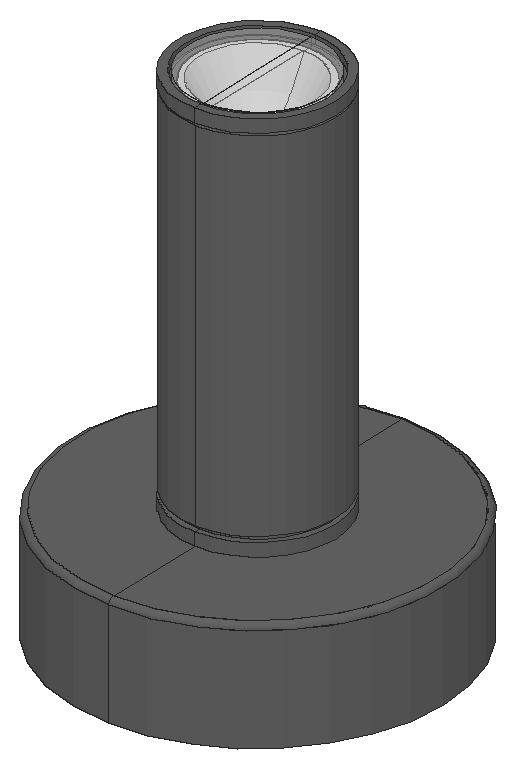
Revit family "AFX-Beverly-Outdoor_Ceiling-11", category Lighting Fixtures, host Face, Revit 2021
Family settings
  Host = Face
  Round Connector Dimension = Use Diameter
  Part Type = Normal
  Cut with Voids When Loaded = No
  Light Source = Yes
  Shared = No
  Room Calculation Point = No
Parameters (values of type "BVYW0608LAJUDBK")
  Wattage Comments = "9"
  Wattage = 9.2903 W
  built-in parameter 1150110 = 1 (stored number, unit not read)
  Voltage = 120 V
  URL = "https://www.afxinc.com/"
  Type Comments = "Beverly"  # constant formula
  built-in parameter 1114217 = 1 (stored number, unit not read)
  Tilt Angle = -90.00°
  built-in parameter 1150109 = 1 (stored number, unit not read)
  built-in parameter 1150134 = 3
  built-in parameter 1150113 = 1 (stored number, unit not read)
  Revit Model Built By = ""
  Product Documentation Link = "https://www.afxinc.com/products/productDetail.cfm?productID=2507"
  Power Factor = 1
  Photometric Web File = "BVYW0608LAJUDSN_3000K_IES.IES"
  built-in parameter 1150142 = "IESNA:LM-63-2002\r\n[TEST] LCZP23110087\r\n[TESTLAB] LCTECH 231117106003\r\n[TESTDATE] 2023/11/23\r\n[ISSUEDATE] 2023/11/23\r\n[MANUFAC] AFX\r\n[LUMCAT] BVYW0608LAJUD**\r\n[LUMINAIRE] LED µÆ??\r\n[LAMPCAT] \r\n[LAMP] \r\n[LumELE] 119.99 0.084 9.85 0.9819\r\nTILT=NONE\r\n1 691.93 1 37 7 1 2 -0.045 -0.045 0\r\n1 1 9.85\r\n0.00 5.00 10.00 15.00 20.00 25.00 30.00 35.00 40.00 45.00 50.00 55.00 60.00 65.00 70.00 75.00 80.00 85.00 90.00 95.00 100.00 105.00 110.00 115.00 120.00 125.00 130.00 135.00 140.00 145.00 150.00 155.00 160.00 165.00 170.00 175.00 180.00\r\n0.00 15.00 30.00 45.00 60.00 75.00 90.00\r\n970.206 905.975 769.877 637.372 535.859 446.475 351.251 241.653 116.335 33.239 18.865 13.924 9.882 7.187 5.39 4.043 2.246 0.449 0.00 0.00 0.00 0.00 0.00 0.00 0.00 0.00 0.00 0.00 0.00 0.449 0.898 1.348 2.246 2.246 2.695 2.695 1.348\r\n970.206 908.713 772.355 638.739 538.574 448.729 349.686 242.10 143.162 36.861 18.645 14.151 9.659 6.738 5.167 4.043 2.472 0.449 0.00 0.00 0.00 0.00 0.00 0.00 0.00 0.00 0.00 0.00 0.00 0.675 1.122 1.348 2.246 2.246 2.695 2.695 1.348\r\n970.206 905.542 768.471 636.102 559.804 449.97 353.215 243.892 123.207 37.247 18.818 14.116 9.411 6.719 4.702 4.032 2.014 0.448 0.00 0.00 0.00 0.00 0.00 0.00 0.00 0.00 0.00 0.00 0.00 0.674 1.118 1.344 2.24 2.24 2.688 2.688 1.348\r\n970.206 921.31 785.805 653.804 552.164 460.307 360.90 247.847 128.772 40.008 19.376 13.905 9.345 6.384 5.016 3.878 2.054 0.456 0.00 0.00 0.00 0.00 0.00 0.00 0.00 0.00 0.00 0.00 0.00 0.682 1.142 1.598 2.28 2.505 2.736 2.736 1.348\r\n970.206 905.28 771.965 643.71 528.535 449.409 355.549 240.64 128.306 42.594 19.887 14.523 9.612 6.483 5.137 4.017 2.009 0.447 0.00 0.00 0.00 0.00 0.00 0.00 0.00 0.00 0.00 0.00 0.00 0.673 1.115 1.788 2.235 2.235 2.682 2.682 1.348\r\n970.206 903.732 774.719 644.519 541.146 451.561 352.006 237.94 124.539 42.893 20.049 14.70 9.802 6.68 5.119 3.783 2.227 0.445 0.00 0.00 0.00 0.00 0.00 0.00 0.00 0.00 0.00 0.00 0.00 0.671 1.111 1.561 2.227 2.227 2.672 2.672 1.348\r\n970.206 918.456 789.755 669.154 561.154 465.303 358.652 239.852 133.651 59.40 21.15 15.30 10.35 7.20 5.40 3.60 2.25 0.90 0.00 0.00 0.00 0.00 0.00 0.00 0.00 0.00 0.00 0.00 0.00 0.90 0.90 1.80 2.25 2.25 2.70 2.70 1.348\r\n"
  Model = "BVYW0608LAJUDBK"
  Manufacturer = "AFX Inc"  # constant formula
  built-in parameter 1150105 = 109.82 (stored number, unit not read)
  Lumens = 1380 lm
  built-in parameter 1150115 = 1 (stored number, unit not read)
  built-in parameter 1150137 = (empty or 0)
  built-in parameter 1150139 = (empty or 0)
  built-in parameter 1150112 = 1 (stored number, unit not read)
  built-in parameter 1150114 = 1 (stored number, unit not read)
  Lamp = "LED"
  Keynote = "12500"
  built-in parameter 1150132 = (empty or 0)
  built-in parameter 1150102 = (empty or 0)
  built-in parameter 1150107 = 3200 (stored number, unit not read)
  built-in parameter 1150138 = (empty or 0)
  built-in parameter 1150106 = 1.0982 (stored number, unit not read)
  Height = 8"
  Hardware Finish = AFX - Aluminum
  Frame Finish = AFX - Black Steel
  Emit from Circle Diameter = 2"
  Emit Shape Visible in Rendering = no
  built-in parameter 1150104 = 13.8 (stored number, unit not read)
  Dimming Lamp Color Temperature Shift = <None>
  Diffuser Finish = AFX - Glass
  Diameter = 2 1/2"
  Description = "LED Outdoor Ceiling - 2 1/2\"Dia x 8\"H"
  Default Elevation = 48"
  Colour Rendering Index = "90"
  Color Filter = 16777215
  Canopy Finish = AFX - Black Steel
  built-in parameter 1114218 = 1 (stored number, unit not read)
  built-in parameter 1150133 = 10 (stored number, unit not read)
  Assembly Code = "D5020200"
  Apparent Load = 0 VA
Reference planes (in)
  plane 1 "Center (Front/Back)": y = 0
  plane 2: z = 0
  plane 3 "Center (Left/Right)": x = 0
  plane 4: x = -2.95276
  plane 5: x = 2.95276
  plane 6: y = 2.95276
  plane 7: y = -2.95276
  plane 8: z = 1.77165
  plane 9: z = 8
  plane 10: z = 7.0625
Forms (in)
  Revolve 1, solid, material "AFX - Black Steel" <- "Canopy Finish"
    sketch origin (0, 0, 0) x (0, 1, 0) y (0, 0, 1)
      loop
        line (-2.95276, 0) -> (0, 0) -> (0, 1.77165) -> (-2.85901, 1.77165)
        arc (-2.85901, 1.77165) -> (-2.9253, 1.74419) -> (-2.95276, 1.6779) r 0.09375
        line (-2.95276, 1.6779) -> (-2.95276, 0)
      axis (0, 1.77165) -> (0, 0)
    angle from 0 to 360
  Revolve 2, solid, material "AFX - Black Steel" <- "Frame Finish"
    sketch origin (0, 0, 0) x (0, 1, 0) y (0, 0, 1)
      loop
        line (1.00394, 7.87402) -> (1.00394, 7.40945) -> (1.19406, 7.40945) -> (1.19406, 2.09882) -> (1.08228, 2.09882) -> (1.08228, 1.97638) -> (0, 1.97638) -> (0, 1.77165) -> (1.25, 1.77165) -> (1.25, 1.97638) -> (1.15204, 1.97638) -> (1.15204, 2.05512) -> (1.24016, 2.05512) -> (1.24016, 7.75249) -> (1.15101, 7.75249) -> (1.15101, 7.79528) -> (1.25, 7.79528) -> (1.25, 8) -> (1.12163, 8) -> (1.12163, 7.87402) -> (1.00394, 7.87402)
      axis (0, 8) -> (0, 1.77165)
    angle from 0 to 360
  Revolve 3, solid, material "AFX - Aluminum" <- "Hardware Finish"
    sketch origin (0, 0, -0.03491) x (0, 1, 0) y (0, 0, 1)
      loop
        line (1.00394, 7.90893) -> (0.9118, 7.90893)
        arc (0.9118, 7.90893) -> (0.62586, 7.38694) -> (0.23964, 6.93409) r 2.90812
        line (0.23964, 6.93409) -> (0, 6.93409) -> (0, 6.89764) -> (0.27444, 6.89764)
        arc (0.27444, 6.89764) -> (0.65961, 7.34307) -> (0.94574, 7.85775) r 2.86936
        line (0.94574, 7.85775) -> (1.00394, 7.85775) -> (1.00394, 7.90893)
      axis (0, 7.90893) -> (0, 6.89764)
    angle from 0 to 360
  Revolve 4, solid, material "AFX - Glass" <- "Diffuser Finish"
    sketch origin (0, 0, 0) x (0, 1, 0) y (0, 0, 1)
      loop
        line (1.07283, 7.99213) -> (0, 7.99213) -> (0, 7.87402) -> (1.07283, 7.87402) -> (1.07283, 7.99213)
      axis (0, 7.99213) -> (0, 7.87402)
    angle from 0 to 360
Lines and regions (in)
  symbolic lines
    curve 1: circle (0, 0, 0) r 2.95276 normal (0, 0, 1)
  symbolic lines, style "LightingFixturesHiddenLines", detail levels medium+fine
    curve 2: circle (0, 0, 0) r 1.25 normal (0, 0, 1)
Dimensions and locks (in)
  plane 9 to plane 8 to plane 2 = 6.22835" locked, 1.77165" locked
  locked: plane 9 to plane 10 at 0.9375
  plane 9 to plane 2 = 8"
  aligned and locked: plane 2 to host face
  aligned and locked: level to host face
  aligned and locked: imposter light to plane 1 "Center (Front/Back)"
  aligned and locked: imposter light to plane 10
Connectors (in)
  electrical at (0, 0, 0), driven by "Voltage", driven by "Apparent Load", driven by "Power Factor"
    settings: on Revolve 1, index 1, voltage 120 V, apparent load 0 VA, apparent load phase1 0 VA, apparent load phase2 0 VA, apparent load phase3 0 VA, power factor 1, load classification "Lighting", number of poles 1, system type 31, power factor state 1, is connector primary yes, connector utility no, sub classification motor no, connector description ""
